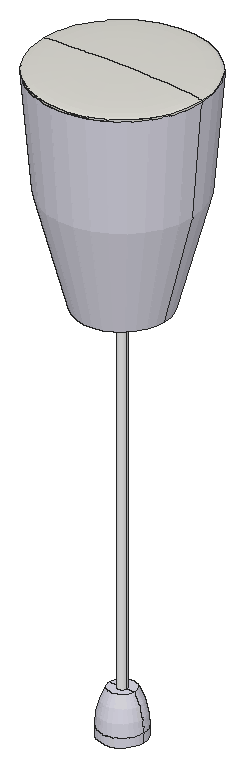
Revit family "FONESTAR_Altavoz_Colgante", category Communication Devices, Revit 2019
Family settings
  Maintain Annotation Orientation = No
  Round Connector Dimension = Use Diameter
  Part Type = Normal
  Work Plane-Based = Yes
  Always vertical = No
  Cut with Voids When Loaded = No
  Shared = No
  Room Calculation Point = No
Parameters (values of type "EF-333")
  Version = "R0"  # constant formula
  URL.Product = "https://fonestar.com/es/EF-333"
  URL = "https://fonestar.com/es"
  Soporte.Material = Plástico ABS - Blanco RAL(9002)
  Reviewed by = "TAG"  # constant formula
  Respuesta Acústica = "70-20.000 Hz"
  Remate.Díametro = 50 mm
  Remate.Diámetro.Inferior = 30 mm
  Remate.Altura = 50 mm
  Rejilla.Espesor = 5 mm
  Rejilla.Curva.Espesor = 2 mm
  Protección IP = "IP-54"
  Potencia Acústica = "30 W RMS"
  Peso = "2,1 Kg"
  Origen [instance] = no
  Modified by = "XPV"  # constant formula
  Rejilla.Material = Aluminio_Rejilla - Blanco RAL(9002)
  Model = "EF-333"
  Manufacturer = "FONESTAR"  # constant formula
  Diámetro = 187 mm
  Default Elevation = 1000 mm
  Description = "Altavoz colgante con transformador de línea 100 V y baja impedancia. Cobertura uniforme horizontal."
  Cuerpo.Diámetro.Inferior = 100 mm
  Cable.Material = Auxiliar - Blanco
  Cable.Diámetro = 10 mm
  Cable.Longitud = 400 mm
  Cuerpo.Material = Plástico ABS - Blanco RAL(9002)
  Longitud = 245 mm
  Created by = "XPV"  # constant formula
  Author.URL = "https://fonestar.com/es"
  Author = "FONESTAR"  # constant formula
Reference planes
  plane 1 "Centro (Frontal/Posterior)": y = 0
  plane 2: z = 0
  plane 3 "Centro (Izquierda/Derecha)": x = 0
  plane 4 "Izquierda": x = -175
  plane 5 "Derecha": x = 175
  plane 6 "Posterior": y = 154
  plane 7 "Frontal": y = -154
  plane 8 "Superior": z = 695
  plane 9 "Inferior": z = 450
  plane 10 "C.dy.N": x = -173
  plane 11 "Remate": z = 50
Lines and regions (mm)
  reference lines
    curve 1: line (0, 0, 50) -> (0, 0, 0)
Text (mm)
  text "A3D CONSULTING INTEGRATED BIM SOLUTIONS, S.L.\nCONTRATO DE LICENCIA DE USUARIO FINAL\n\n\nAVISO A LOS USUARIOS: LEA ATENTAMENTE EL SIGUIENTE CONTRATO ANTES DE CONTINUAR. EL USO DEL CONTENIDO BIM EN FORMATO REVIT QUE SE ACOMPAÑA DEL PRESENTE ACUERDO (\"CONTENIDO BIM A3D CONSULTING\") CONSTITUYE SU ACEPTACIÓN DE ESTOS TÉRMINOS. SI USTED NO ESTÁ DE ACUERDO CON LAS CONDICIONES DE ESTE ACUERDO NO ABRA, ACCEDA DIRECTA O INDIRECTAMENTE, MODIFIQUE,  COPIE NI USE EL CONTENIDO BIM A3D CONSULTING, NI TOTAL NI PARCIALMENTE. EL USO DEL CONTENIDO BIM A3D CONSULTING POR PARTE DEL USUARIO ESTÁ CONDICIONADO AL CUMPLIMIENTO POR EL MISMO DE LOS TÉRMINOS DE ESTE ACUERDO.\n\n1.\tDEFINICIONES\nEste contrato de licencia de usuario final para el Contenido BIM A3D Consulting (CLUF) constituye un acuerdo legal entre usted como usuario final (ya sea persona física o entidad legalmente reconocida) (el \"Titular de la licencia\") y A3D CONSULTING INTEGRATED BIM SOLUTIONS, S.L. para el Contenido BIM A3D Consulting que acompaña a este CLUF. El Contenido BIM A3D CONSULTING consiste en uno o varios archivos en formato Autodesk Revit, pudiendo incluir elementos y medios asociados, así como la documentación \"en línea\" o electrónica (\"Contenido BIM A3D Consulting \").\n\n2.\tCONCESIÓN DE LA LICENCIA\nA3D CONSULTING INTEGRATED BIM SOLUTIONS, S.L. le concede una licencia para utilizar y modificar el contenido BIM incluido en una copia de Contenido BIM A3D Consulting.  El \"Titular de la licencia \" designa a la empresa, entidad o persona física, cuyos fondos son utilizados para pagar la cuota de licencia. \"Uso\" designa la copia, el almacenaje, la carga, la instalación o la muestra del Contenido BIM A3D Consulting. En virtud del presente, el Titular de la licencia no puede alquilar, arrendar, ceder, prestar, vender ni sublicenciar el Contenido BIM A3D Consulting a otra persona física, empresa o entidad.\n\n3.\tPROPIEDAD\nA3D CONSULTING INTEGRATED BIM SOLUTIONS, S.L. es el propietario y el titular del copyright del Contenido BIM A3D Consulting. La licencia adquirida no confiere al Titular de la licencia ningún título o propiedad sobre el contenido y no debe interpretarse como una venta de ningún derecho.\n\n4.\tCOPYRIGHT\nEl Contenido BIM A3D Consulting está protegido por las leyes españolas del copyright, las disposiciones de los tratados internacionales y otras leyes aplicables. En virtud del presente, el Titular de la licencia reconoce que no se le transfiere ningún título de la propiedad intelectual de A3D CONSULTING INTEGRATED BIM SOLUTIONS, S.L.. Además, el Titular de la licencia reconoce que el título y todos los derechos de autor sobre el Contenido BIM A3D Consulting seguirán siendo propiedad exclusiva de A3D CONSULTING INTEGRATED BIM SOLUTIONS, S.L. y no adquirirá ningún derecho sobre el Contenido BIM A3D Consulting, a excepción de lo expresamente establecido en esta licencia.\n\n5.\tRESPONSABILIDAD\nEn virtud del presente, el Titular de la licencia acepta que defenderá, indemnizará y eximirá a A3D CONSULTING INTEGRATED BIM SOLUTIONS, S.L. de cualesquiera reclamaciones o responsabilidades derivadas del uso, uso indebido, distribución o ejecución del Contenido BIM A3D Consulting de A3D CONSULTING INTEGRATED BIM SOLUTIONS, S.L., incluyendo las reclamaciones presentadas en contra del Titular de la licencia por el uso de dicho  contenido. Asimismo, el Titular de la licencia acepta eximir de toda responsabilidad y proteger a A3D CONSULTING INTEGRATED BIM SOLUTIONS, S.L. frente a cualquier tipo de demandas civiles, legales o penales. Las cantidades derivadas de dichos procesos, incluyendo resoluciones y costas judiciales, correrán a cargo del Titular de la licencia.\n\n6.\tGARANTÍA\nDurante un periodo de 30 días, a contar a partir de la fecha de entrega del producto, A3D CONSULTING INTEGRATED BIM SOLUTIONS, S.L. garantiza que dicho producto está libre de defectos en los materiales y la mano de obra. En caso de incumplimiento de esta garantía, el Titular de la licencia recibirá como  única compensación el reemplazo del producto. El Contenido BIM A3D Consulting y cualquier documentación relacionada se proporcionan \"tal cual\", sin garantía de ningún tipo, ya sea expresa o implícita, incluyendo, a título enunciativo pero no limitativo, las garantías implícitas o comerciabilidad, la idoneidad para un propósito particular o la inexistencia de infracción. Cualquier riesgo derivado del uso o los resultados del Contenido BIM A3D Consulting correrá a cargo del licenciatario.\n\n7.\tLEGISLACIÓN APLICABLE\nTodos los aspectos del presente Contrato se regirán e interpretarán de conformidad con la legislación vigente en España.\n\n8.\tENMIENDAS\nA3D CONSULTING INTEGRATED BIM SOLUTIONS, S.L. se reserva el derecho de modificar este acuerdo en cualquier momento.\n\n9.\tAPLICABILIDAD\nEn caso de que alguna de las disposiciones de este acuerdo fuera nula o inaplicable, las partes acuerdan que dicha invalidez no afectará a la validez de las disposiciones restantes de este acuerdo.\n\n- FIN DEL CONTRATO DE LICENCIA DE USUARIO FINAL -\nBarcelona / España, 15.02.2015\nA3D CONSULTING INTEGRATED BIM SOLUTIONS, S.L." at (2.016, -2, 0), in view "CLUF"
Dimensions and locks
  equal spacing: plane 4 "Izquierda", plane 3 "Centro (Izquierda/Derecha)", plane 5 "Derecha"
  equal spacing: plane 7 "Frontal", plane 1 "Centro (Frontal/Posterior)", plane 6 "Posterior"
  "Remate.Altura": plane 11 "Remate" to level
  "Cable.Longitud": plane 9 "Inferior" to plane 11 "Remate"
  "Longitud": plane 8 "Superior" to plane 9 "Inferior"
  aligned and locked: level to plane 2
  aligned and locked: plane 1 "Centro (Frontal/Posterior)" to nested 2
  aligned and locked: plane 3 "Centro (Izquierda/Derecha)" to nested 2
  aligned and locked: plane 3 "Centro (Izquierda/Derecha)" to nested 3
  aligned and locked: plane 1 "Centro (Frontal/Posterior)" to nested 3
  aligned and locked: plane 3 "Centro (Izquierda/Derecha)" to nested 1
  aligned and locked: nested 4 to plane 3 "Centro (Izquierda/Derecha)"
  aligned and locked: plane 8 "Superior" to nested 2
  aligned and locked: plane 1 "Centro (Frontal/Posterior)" to nested 5
  aligned and locked: plane 3 "Centro (Izquierda/Derecha)" to nested 5
  aligned and locked: level to curve 1
  aligned and locked: plane 11 "Remate" to curve 1
  aligned and locked: curve 1 to plane 3 "Centro (Izquierda/Derecha)"
Nested families
  nested 1: "A3D_Componente_Origen" at (0, 0, 0), Visibilidad <- "Origen", visible <- "Origen", type "Esfera"
    with XYZ.Visibilidad no, Visibilidad no, Material Auxiliary.Clearance, Esfera.Visibilidad no, Diámetro 100 mm, Círculos.Visibilidad no
  nested 2: "A3D_Componente_Altavoz_M02" at (0, 0, 450), Material <- "Cuerpo.Material", Altura <- "Longitud", Diámetro <- "Diámetro", Diámetro.Inferior <- "Cuerpo.Diámetro.Inferior", type "Estándar"
    with Visibilidad yes, Origen no, Material Plástico ABS - Blanco RAL(9002), Diámetro.Inferior 100 mm, Diámetro 187 mm, Altura 245 mm
  nested 3: "A3D_Componente_Cilindro" at (0, 0, 50), Material <- "Cable.Material", Altura <- "Cable.Longitud", Diámetro <- "Cable.Diámetro", type "Estándar"
    with Visibilidad yes, Redondeado.Superior.Control 30 mm, Redondeado.Superior no, Redondeado.Radio.Control 5 mm, Redondeado.Radio 50 mm, Redondeado.Inferior.Control 30 mm, Redondeado.Inferior no, Origen no, Material Auxiliar - Blanco, Diámetro 10 mm, Centrado.Control 0 mm, Centrado no, Altura 400 mm
  nested 4: "A3D_Componente_Altavoz_Remate" at (0, 0, 50) x (1, 0, 0) z (0, 0, -1), Altura <- "Remate.Altura", Diámetro <- "Remate.Díametro", Diámetro.Inferior <- "Remate.Diámetro.Inferior", Material <- "Soporte.Material", type "Estándar"
    with Visibilidad yes, Origen no, Material Plástico ABS - Blanco RAL(9002), Diámetro.Inferior 30 mm, Diámetro 50 mm, Altura 50 mm
  nested 5: "A3D_Componente_Lente" at (0, 0, 695), Altura <- "Rejilla.Curva.Espesor", Material <- "Rejilla.Material", Espesor <- "Rejilla.Espesor", Diámetro <- "Diámetro", type "Estándar"
    with Visibilidad yes, Origen no, Material Aluminio_Rejilla - Blanco RAL(9002), Espesor 5 mm, Diámetro 187 mm, Altura 2 mm
Connectors
  electrical at (0, 0, 0)
    settings: on curve 1, index 1, voltage 0 V, apparent load 0 VA, apparent load phase1 0 VA, apparent load phase2 0 VA, apparent load phase3 0 VA, power factor 1, load classification "Other", number of poles 1, system type 14, power factor state 1, is connector primary yes, connector utility no, sub classification motor no, connector description ""
Definition of nested family "A3D_Componente_Altavoz_M02"
  Parameters (values of type "Estándar")
    Visibilidad [instance] = yes
    Version = "R0"  # constant formula
    Reviewed by = ""
    Origen [instance] = yes
    Modified by = ""
    Diámetro.Inferior [instance] = 120 mm
    Diámetro [instance] = 202.008 mm
    Default Elevation = 1000 mm
    Created by = "XPV"  # constant formula
    Author = "A3D Consulting"  # constant formula
    Altura [instance] = 280 mm
    Material [instance] = none
    Autor.URL = "www.a3d.es"
  Reference planes
    plane 1 "Centro (Frontal/Posterior)": y = 0
    plane 2: z = 0
    plane 3 "Centro (Izquierda/Derecha)": x = 0
    plane 4 "Superior": z = 280
    plane 5: x = -101.004
    plane 6: x = 101.004
    plane 7: x = -60
    plane 8: x = 60
    plane 9 "C.dy.P": z = -106
  Forms (mm)
    Revolve 1, solid, material <- "Material"
      sketch origin (0, 0, -125) x (1, 0, 0) y (0, 0, 1)
        loop
          line (0, 125) -> (0, 405) -> (-101.004, 405)
          arc (-101.004, 405) -> (-90.591, 263.523) -> (-60, 125) r 986.803
          line (-60, 125) -> (0, 125)
        axis (0, 405) -> (0, 125)
      angle from 0 to 360
  Dimensions and locks
    equal spacing: plane 6, plane 3 "Centro (Izquierda/Derecha)", plane 5
    "Diámetro": plane 6 to plane 5
    equal spacing: plane 8, plane 3 "Centro (Izquierda/Derecha)", plane 7
    "Diámetro.Inferior": plane 8 to plane 7
    "Altura": plane 4 "Superior" to level
    aligned and locked: level to plane 2
    aligned and locked: Revolve 1 sketch curve to plane 3 "Centro (Izquierda/Derecha)"
    aligned and locked: level to Revolve 1 sketch curve
    aligned and locked: plane 7 to Revolve 1 sketch curve
    aligned and locked: Revolve 1 sketch curve to plane 4 "Superior"
    aligned and locked: plane 5 to Revolve 1 sketch curve
  Automatic sketch dimensions
    Revolve 1 sketch curve to plane 3 "Centro (Izquierda/Derecha)" = 0 mm
    plane 4 "Superior" to Revolve 1 sketch curve = 1.508 mm
    Revolve 1 sketch curve to plane 9 "C.dy.P" = 120 mm
    Revolve 1 sketch curve to Revolve 1 sketch curve = 160 mm
  Nested families
    nested 1: "A3D_Componente_Origen" at (0, 0, 0), Visibilidad <- "Origen", visible <- "Origen", type "Esfera"
      with Visibilidad.XYZ.Control no, Visibilidad.Esfera.Control yes, Visibilidad.Círculos.Control no, Visibilidad yes, Material none, Diámetro 150 mm
  Definition of nested family "A3D_Componente_Origen"
    Parameters (values of type "Esfera")
      Visibilidad.XYZ.Control [instance] = and(Visibilidad, XYZ)  # no
      Visibilidad.Esfera.Control [instance] = and(Visibilidad, Esfera)  # yes
      Visibilidad.Círculos.Control [instance] = and(Visibilidad, Círculos)  # no
      Visibilidad [instance] = yes
      Version = "R1"  # constant formula
      Reviewed by = "RGH"  # constant formula
      XYZ = no
      Esfera = yes
      Círculos = no
      Modified by = "RGH"  # constant formula
      Diámetro [instance] = 100 mm
      Default Elevation = 1000 mm
      Created by = "RLM"  # constant formula
      Material [instance] = none
      Autor.URL = "www.a3d.es"
      Autor = "A3D Consulting"  # constant formula
    Types (3, lengths in mm): name | Visibilidad.XYZ.Control | Visibilidad.Esfera.Control | Visibilidad.Círculos.Control | XYZ | Esfera | Círculos
      Círculos | no | no | yes | no | no | yes
      Esfera | no | yes | no | no | yes | no
      XYZ | yes | no | no | yes | no | no
    Reference planes
      plane 1 "Centro (Frontal/Posterior)": y = 0
      plane 2: z = 0
      plane 3 "Centro (Izquierda/Derecha)": x = 0
    Forms (mm)
      Revolve 1, solid, material <- "Material", visible <- "Visibilidad.Esfera.Control"
        sketch origin (0, 0, 0) x (1, 0, 0) y (0, 1, 0)
          loop
            arc (0, 50) -> (-50, 0) -> (0, -50) r 50
            line (0, -50) -> (0, 50)
          axis (0, 50) -> (0, -50)
        angle from 0 to 360
    Lines and regions (mm)
      model lines, visible <- "Visibilidad.XYZ.Control"
        curve 1: line (0, 0, 0) -> (100, 0, 0)
        curve 2: line (0, 0, 0) -> (0, 100, 0)
        curve 3: line (0, 0, 0) -> (0, 0, 100)
      model lines, visible <- "Visibilidad.Círculos.Control"
        curve 4: circle (0, 0, 0) r 50 normal (0, 0, 1)
        curve 5: circle (0, 0, 0) r 50 normal (0, -1, 0)
        curve 6: circle (0, 0, 0) r 50 normal (1, 0, 0)
    Dimensions and locks
      "Diámetro": plane 1 "Centro (Frontal/Posterior)" to curve 2
      "Diámetro": plane 3 "Centro (Izquierda/Derecha)" to curve 1
      "Diámetro": curve 3 to level
      "Diámetro": diameter of Revolve 1 sketch curve
      "Diámetro": diameter of curve 4
      "Diámetro": diameter of curve 5
      "Diámetro": diameter of curve 6
      aligned and locked: level to plane 2
    Automatic sketch dimensions
      curve 6 to level = 0 mm
      curve 6 to plane 1 "Centro (Frontal/Posterior)" = 0 mm
      curve 3 to plane 3 "Centro (Izquierda/Derecha)" = 0 mm
      curve 5 to level = 0 mm
      curve 5 to plane 3 "Centro (Izquierda/Derecha)" = 0 mm
      curve 3 to level = 0 mm
      plane 1 "Centro (Frontal/Posterior)" to curve 4 = 0 mm
      curve 4 to plane 3 "Centro (Izquierda/Derecha)" = 0 mm
      plane 1 "Centro (Frontal/Posterior)" to curve 2 = 0 mm
      curve 2 to plane 3 "Centro (Izquierda/Derecha)" = 0 mm
      Revolve 1 sketch curve to plane 3 "Centro (Izquierda/Derecha)" = 0 mm  (x2)
      plane 1 "Centro (Frontal/Posterior)" to Revolve 1 sketch curve = 0 mm
      Revolve 1 sketch curve to Revolve 1 sketch curve = 3.125 mm  (x2)
Definition of nested family "A3D_Componente_Cilindro"
  Parameters (values of type "Estándar")
    Visibilidad [instance] = yes
    Version = "R6"  # constant formula
    Reviewed by = "RGH"  # constant formula
    Redondeado.Superior.Control [instance] = if(Redondeado.Superior, Diámetro, Diámetro + Redondeado.Radio.Control * 4)  # 1000 mm
    Redondeado.Superior [instance] = yes
    Redondeado.Radio.Control [instance] = if(Redondeado.Radio < Diámetro / 2 - 10 mm, Redondeado.Radio, if(Diámetro / 2 - 10 mm > 0 mm, Diámetro / 2 - 10 mm, 5 mm))  # 50 mm
    Redondeado.Radio [instance] = 50 mm
    Redondeado.Inferior.Control [instance] = if(Redondeado.Inferior, Diámetro, Diámetro + Redondeado.Radio.Control * 4)  # 1000 mm
    Redondeado.Inferior [instance] = yes
    Origen [instance] = yes
    Modified by = "RGH"  # constant formula
    Diámetro [instance] = 1000 mm
    Default Elevation = 1000 mm
    Centrado.Control [instance] = if(Centrado, Altura / 2, 0 mm)  # 0 mm
    Created by = "RLM"  # constant formula
    Centrado [instance] = no
    Author = "A3D Consulting"  # constant formula
    Altura [instance] = 500 mm
    Material [instance] = none
    Autor.URL = "www.a3d.es"
  Reference planes
    plane 1 "Centro (Frontal/Posterior)": y = 0
    plane 2: z = 0
    plane 3 "Centro (Izquierda/Derecha)": x = 0
    plane 4 "Inferior": z = 0
    plane 5 "Superior": z = 500
  Forms (mm)
    Extrusion 1, solid, material <- "Material", visible <- "Visibilidad"
      sketch origin (0, 0, 0) x (-1, 0, 0) y (0, -1, 0)
        loop
          circle (0, 0) r 500
      from 0 to 500 <- "Altura"
    Sweep 2, void
      path origin (0, 0, 500) x (-1, 0, 0) y (0, -1, 0)
        loop
          circle (0, 0) r 500
      profile "A3D_Perfil-Circular_Escocia : Estándar" origin (0, -500, 500) x (0, 1, 0) y (0, 0, 1)
        loop
          arc (0, -50) -> (14.645, -14.645) -> (50, 0) r 50
          line (50, 0) -> (0, 0) -> (0, -50)
    Sweep 3, void
      path origin (0, 0, 0) x (-1, 0, 0) y (0, -1, 0)
        loop
          circle (0, 0) r 500
      profile "A3D_Perfil-Circular_Escocia : Estándar" origin (0, -500, 0) x (0, 1, 0) y (0, 0, 1)
        loop
          line (0, 50) -> (0, 0) -> (50, 0)
          arc (50, 0) -> (14.645, 14.645) -> (0, 50) r 50
  Cuts and joins
    Sweep 2, Sweep 3 cuts Extrusion 1
  Dimensions and locks
    "Centrado.Control": level to plane 4 "Inferior"
    "Altura": plane 5 "Superior" to plane 4 "Inferior"
    "Diámetro": diameter of Extrusion 1 sketch curve
    "Redondeado.Superior.Control": diameter of Sweep 2 sketch curve
    "Redondeado.Inferior.Control": diameter of Sweep 3 sketch curve
    aligned and locked: level to plane 2
  Automatic sketch dimensions
    plane 1 "Centro (Frontal/Posterior)" to Extrusion 1 sketch curve = 0 mm
    Extrusion 1 sketch curve to plane 3 "Centro (Izquierda/Derecha)" = 0 mm
    plane 1 "Centro (Frontal/Posterior)" to Sweep 2 sketch curve = 0 mm
    Sweep 2 sketch curve to plane 3 "Centro (Izquierda/Derecha)" = 0 mm
    plane 1 "Centro (Frontal/Posterior)" to Sweep 3 sketch curve = 0 mm
    Sweep 3 sketch curve to plane 3 "Centro (Izquierda/Derecha)" = 0 mm
  Nested families
    nested 1: "A3D_Componente_Origen" at (0, 0, 0), Visibilidad <- "Origen", visible <- "Origen", type "Esfera"
      with Visibilidad.XYZ.Control no, Visibilidad.Esfera.Control yes, Visibilidad.Círculos.Control no, Visibilidad yes, Material none, Diámetro 100 mm
  Definition of nested family "A3D_Componente_Origen"
    Parameters (values of type "Esfera")
      Visibilidad.XYZ.Control [instance] = and(Visibilidad, XYZ)  # no
      Visibilidad.Esfera.Control [instance] = and(Visibilidad, Esfera)  # yes
      Visibilidad.Círculos.Control [instance] = and(Visibilidad, Círculos)  # no
      Visibilidad [instance] = yes
      Version = "R1"  # constant formula
      Reviewed by = "RGH"  # constant formula
      XYZ = no
      Esfera = yes
      Círculos = no
      Modified by = "RGH"  # constant formula
      Diámetro [instance] = 100 mm
      Default Elevation = 1000 mm
      Created by = "RLM"  # constant formula
      Material [instance] = none
      Autor.URL = "www.a3d.es"
      Autor = "A3D Consulting"  # constant formula
    Types (3, lengths in mm): name | Visibilidad.XYZ.Control | Visibilidad.Esfera.Control | Visibilidad.Círculos.Control | XYZ | Esfera | Círculos
      Círculos | no | no | yes | no | no | yes
      Esfera | no | yes | no | no | yes | no
      XYZ | yes | no | no | yes | no | no
    Reference planes
      plane 1 "Centro (Frontal/Posterior)": y = 0
      plane 2: z = 0
      plane 3 "Centro (Izquierda/Derecha)": x = 0
    Forms (mm)
      Revolve 1, solid, material <- "Material", visible <- "Visibilidad.Esfera.Control"
        sketch origin (0, 0, 0) x (1, 0, 0) y (0, 1, 0)
          loop
            arc (0, 50) -> (-50, 0) -> (0, -50) r 50
            line (0, -50) -> (0, 50)
          axis (0, 50) -> (0, -50)
        angle from 0 to 360
    Lines and regions (mm)
      model lines, visible <- "Visibilidad.XYZ.Control"
        curve 1: line (0, 0, 0) -> (100, 0, 0)
        curve 2: line (0, 0, 0) -> (0, 100, 0)
        curve 3: line (0, 0, 0) -> (0, 0, 100)
      model lines, visible <- "Visibilidad.Círculos.Control"
        curve 4: circle (0, 0, 0) r 50 normal (0, 0, 1)
        curve 5: circle (0, 0, 0) r 50 normal (0, -1, 0)
        curve 6: circle (0, 0, 0) r 50 normal (1, 0, 0)
    Dimensions and locks
      "Diámetro": plane 1 "Centro (Frontal/Posterior)" to curve 2
      "Diámetro": plane 3 "Centro (Izquierda/Derecha)" to curve 1
      "Diámetro": curve 3 to level
      "Diámetro": diameter of Revolve 1 sketch curve
      "Diámetro": diameter of curve 4
      "Diámetro": diameter of curve 5
      "Diámetro": diameter of curve 6
      aligned and locked: level to plane 2
    Automatic sketch dimensions
      curve 6 to level = 0 mm
      curve 6 to plane 1 "Centro (Frontal/Posterior)" = 0 mm
      curve 3 to plane 3 "Centro (Izquierda/Derecha)" = 0 mm
      curve 5 to level = 0 mm
      curve 5 to plane 3 "Centro (Izquierda/Derecha)" = 0 mm
      curve 3 to level = 0 mm
      plane 1 "Centro (Frontal/Posterior)" to curve 4 = 0 mm
      curve 4 to plane 3 "Centro (Izquierda/Derecha)" = 0 mm
      plane 1 "Centro (Frontal/Posterior)" to curve 2 = 0 mm
      curve 2 to plane 3 "Centro (Izquierda/Derecha)" = 0 mm
      Revolve 1 sketch curve to plane 3 "Centro (Izquierda/Derecha)" = 0 mm  (x2)
      plane 1 "Centro (Frontal/Posterior)" to Revolve 1 sketch curve = 0 mm
      Revolve 1 sketch curve to Revolve 1 sketch curve = 3.125 mm  (x2)
Definition of nested family "A3D_Componente_Altavoz_Remate"
  Parameters (values of type "Estándar")
    Visibilidad [instance] = yes
    Version = "R0"  # constant formula
    Reviewed by = ""
    Origen [instance] = yes
    Modified by = ""
    Diámetro.Inferior [instance] = 45 mm
    Diámetro [instance] = 90 mm
    Default Elevation = 1000 mm
    Created by = "XPV"  # constant formula
    Author = "A3D Consulting"  # constant formula
    Altura [instance] = 90 mm
    Material [instance] = none
    Autor.URL = "www.a3d.es"
  Reference planes
    plane 1 "Centro (Frontal/Posterior)": y = 0
    plane 2: z = 0
    plane 3 "Centro (Izquierda/Derecha)": x = 0
    plane 4 "Superior": z = 90
    plane 5: x = -45
    plane 6: x = 45
    plane 7: x = -22.5
    plane 8: x = 22.5
    plane 9 "C.dy.P": z = -106
  Forms (mm)
    Revolve 1, solid, material <- "Material"
      sketch origin (0, 0, -125) x (1, 0, 0) y (0, 0, 1)
        loop
          line (0, 125) -> (0, 215) -> (-45, 215) -> (-45, 205)
          arc (-45, 205) -> (-39.268, 163.448) -> (-22.5, 125) r 153.472
          line (-22.5, 125) -> (0, 125)
        axis (0, 215) -> (0, 125)
      angle from 0 to 360
  Dimensions and locks
    equal spacing: plane 6, plane 3 "Centro (Izquierda/Derecha)", plane 5
    "Diámetro": plane 6 to plane 5
    equal spacing: plane 8, plane 3 "Centro (Izquierda/Derecha)", plane 7
    "Diámetro.Inferior": plane 8 to plane 7
    "Altura": plane 4 "Superior" to level
    plane 4 "Superior" to Revolve 1 sketch curve = 10 mm
    aligned and locked: level to plane 2
    aligned and locked: Revolve 1 sketch curve to plane 3 "Centro (Izquierda/Derecha)"
    aligned and locked: level to Revolve 1 sketch curve
    aligned and locked: Revolve 1 sketch curve to plane 5
  Automatic sketch dimensions
    Revolve 1 sketch curve to plane 7 = 0 mm
    Revolve 1 sketch curve to plane 3 "Centro (Izquierda/Derecha)" = 0 mm
    Revolve 1 sketch curve to plane 4 "Superior" = 0 mm
    Revolve 1 sketch curve to plane 9 "C.dy.P" = 120 mm
    Revolve 1 sketch curve to Revolve 1 sketch curve = 160 mm
  Nested families
    nested 1: "A3D_Componente_Origen" at (0, 0, 0), Visibilidad <- "Origen", visible <- "Origen", type "Esfera"
      with Visibilidad.XYZ.Control no, Visibilidad.Esfera.Control yes, Visibilidad.Círculos.Control no, Visibilidad yes, Material none, Diámetro 50 mm
  Definition of nested family "A3D_Componente_Origen"
    Parameters (values of type "Esfera")
      Visibilidad.XYZ.Control [instance] = and(Visibilidad, XYZ)  # no
      Visibilidad.Esfera.Control [instance] = and(Visibilidad, Esfera)  # yes
      Visibilidad.Círculos.Control [instance] = and(Visibilidad, Círculos)  # no
      Visibilidad [instance] = yes
      Version = "R1"  # constant formula
      Reviewed by = "RGH"  # constant formula
      XYZ = no
      Esfera = yes
      Círculos = no
      Modified by = "RGH"  # constant formula
      Diámetro [instance] = 100 mm
      Default Elevation = 1000 mm
      Created by = "RLM"  # constant formula
      Material [instance] = none
      Autor.URL = "www.a3d.es"
      Autor = "A3D Consulting"  # constant formula
    Types (3, lengths in mm): name | Visibilidad.XYZ.Control | Visibilidad.Esfera.Control | Visibilidad.Círculos.Control | XYZ | Esfera | Círculos
      Círculos | no | no | yes | no | no | yes
      Esfera | no | yes | no | no | yes | no
      XYZ | yes | no | no | yes | no | no
    Reference planes
      plane 1 "Centro (Frontal/Posterior)": y = 0
      plane 2: z = 0
      plane 3 "Centro (Izquierda/Derecha)": x = 0
    Forms (mm)
      Revolve 1, solid, material <- "Material", visible <- "Visibilidad.Esfera.Control"
        sketch origin (0, 0, 0) x (1, 0, 0) y (0, 1, 0)
          loop
            arc (0, 50) -> (-50, 0) -> (0, -50) r 50
            line (0, -50) -> (0, 50)
          axis (0, 50) -> (0, -50)
        angle from 0 to 360
    Lines and regions (mm)
      model lines, visible <- "Visibilidad.XYZ.Control"
        curve 1: line (0, 0, 0) -> (100, 0, 0)
        curve 2: line (0, 0, 0) -> (0, 100, 0)
        curve 3: line (0, 0, 0) -> (0, 0, 100)
      model lines, visible <- "Visibilidad.Círculos.Control"
        curve 4: circle (0, 0, 0) r 50 normal (0, 0, 1)
        curve 5: circle (0, 0, 0) r 50 normal (0, -1, 0)
        curve 6: circle (0, 0, 0) r 50 normal (1, 0, 0)
    Dimensions and locks
      "Diámetro": plane 1 "Centro (Frontal/Posterior)" to curve 2
      "Diámetro": plane 3 "Centro (Izquierda/Derecha)" to curve 1
      "Diámetro": curve 3 to level
      "Diámetro": diameter of Revolve 1 sketch curve
      "Diámetro": diameter of curve 4
      "Diámetro": diameter of curve 5
      "Diámetro": diameter of curve 6
      aligned and locked: level to plane 2
    Automatic sketch dimensions
      curve 6 to level = 0 mm
      curve 6 to plane 1 "Centro (Frontal/Posterior)" = 0 mm
      curve 3 to plane 3 "Centro (Izquierda/Derecha)" = 0 mm
      curve 5 to level = 0 mm
      curve 5 to plane 3 "Centro (Izquierda/Derecha)" = 0 mm
      curve 3 to level = 0 mm
      plane 1 "Centro (Frontal/Posterior)" to curve 4 = 0 mm
      curve 4 to plane 3 "Centro (Izquierda/Derecha)" = 0 mm
      plane 1 "Centro (Frontal/Posterior)" to curve 2 = 0 mm
      curve 2 to plane 3 "Centro (Izquierda/Derecha)" = 0 mm
      Revolve 1 sketch curve to plane 3 "Centro (Izquierda/Derecha)" = 0 mm  (x2)
      plane 1 "Centro (Frontal/Posterior)" to Revolve 1 sketch curve = 0 mm
      Revolve 1 sketch curve to Revolve 1 sketch curve = 3.125 mm  (x2)
Definition of nested family "A3D_Componente_Lente"
  Parameters (values of type "Estándar")
    Visibilidad [instance] = yes
    Version = "R0"  # constant formula
    Reviewed by = ""
    Origen [instance] = yes
    Modified by = ""
    Espesor [instance] = 5 mm
    Diámetro [instance] = 200 mm
    Default Elevation = 1000 mm
    Created by = "XPV"  # constant formula
    Author = "A3D Consulting"  # constant formula
    Altura [instance] = 2 mm
    Material [instance] = none
    Autor.URL = "www.a3d.es"
  Reference planes
    plane 1 "Centro (Frontal/Posterior)": y = 0
    plane 2: z = 0
    plane 3 "Centro (Izquierda/Derecha)": x = 0
    plane 4 "Superior": z = 2
    plane 5: x = -100
    plane 6: x = 100
  Forms (mm)
    Revolve 1, solid, material <- "Material", visible <- "Visibilidad"
      sketch origin (0, 0, 0) x (1, 0, 0) y (0, 0, 1)
        loop
          spline (0, 7) -> (-13.053, 6.957) -> (-25.882, 6.83) -> (-38.268, 6.619) -> (-50, 6.33) -> (-60.876, 5.967) -> (-70.711, 5.536) -> (-79.335, 5.044) -> (-86.603, 4.5) -> (-92.388, 3.913) -> (-96.593, 3.294) -> (-99.144, 2.653) -> (-100, 2)
          line (-100, 2) -> (-100, 0) -> (0, 0) -> (0, 7)
        axis (0, 0) -> (0, 7)
      angle from 0 to 360
  Dimensions and locks
    "Altura": plane 4 "Superior" to level
    equal spacing: plane 6, plane 3 "Centro (Izquierda/Derecha)", plane 5
    "Diámetro": plane 6 to plane 5
    "Espesor": Revolve 1 sketch curve to plane 4 "Superior"
    aligned and locked: level to plane 2
    aligned and locked: plane 3 "Centro (Izquierda/Derecha)" to Revolve 1 sketch curve
    aligned and locked: plane 4 "Superior" to Revolve 1 sketch curve
    aligned and locked: Revolve 1 sketch curve to Revolve 1 sketch curve
  Automatic sketch dimensions
    Revolve 1 sketch curve to plane 5 = 0 mm
    Revolve 1 sketch curve to plane 3 "Centro (Izquierda/Derecha)" = 0 mm
    Revolve 1 sketch curve to level = 0 mm
    Revolve 1 sketch curve to Revolve 1 sketch curve = 110 mm
    Revolve 1 sketch curve to Revolve 1 sketch curve = 60 mm
  Nested families
    nested 1: "A3D_Componente_Origen" at (0, 0, 0), Visibilidad <- "Origen", visible <- "Origen", type "Esfera"
      with Visibilidad.XYZ.Control no, Visibilidad.Esfera.Control yes, Visibilidad.Círculos.Control no, Visibilidad yes, Material none, Diámetro 100 mm
  Definition of nested family "A3D_Componente_Origen"
    Parameters (values of type "Esfera")
      Visibilidad.XYZ.Control [instance] = and(Visibilidad, XYZ)  # no
      Visibilidad.Esfera.Control [instance] = and(Visibilidad, Esfera)  # yes
      Visibilidad.Círculos.Control [instance] = and(Visibilidad, Círculos)  # no
      Visibilidad [instance] = yes
      Version = "R1"  # constant formula
      Reviewed by = "RGH"  # constant formula
      XYZ = no
      Esfera = yes
      Círculos = no
      Modified by = "RGH"  # constant formula
      Diámetro [instance] = 100 mm
      Default Elevation = 1000 mm
      Created by = "RLM"  # constant formula
      Material [instance] = none
      Autor.URL = "www.a3d.es"
      Autor = "A3D Consulting"  # constant formula
    Types (3, lengths in mm): name | Visibilidad.XYZ.Control | Visibilidad.Esfera.Control | Visibilidad.Círculos.Control | XYZ | Esfera | Círculos
      Círculos | no | no | yes | no | no | yes
      Esfera | no | yes | no | no | yes | no
      XYZ | yes | no | no | yes | no | no
    Reference planes
      plane 1 "Centro (Frontal/Posterior)": y = 0
      plane 2: z = 0
      plane 3 "Centro (Izquierda/Derecha)": x = 0
    Forms (mm)
      Revolve 1, solid, material <- "Material", visible <- "Visibilidad.Esfera.Control"
        sketch origin (0, 0, 0) x (1, 0, 0) y (0, 1, 0)
          loop
            arc (0, 50) -> (-50, 0) -> (0, -50) r 50
            line (0, -50) -> (0, 50)
          axis (0, 50) -> (0, -50)
        angle from 0 to 360
    Lines and regions (mm)
      model lines, visible <- "Visibilidad.XYZ.Control"
        curve 1: line (0, 0, 0) -> (100, 0, 0)
        curve 2: line (0, 0, 0) -> (0, 100, 0)
        curve 3: line (0, 0, 0) -> (0, 0, 100)
      model lines, visible <- "Visibilidad.Círculos.Control"
        curve 4: circle (0, 0, 0) r 50 normal (0, 0, 1)
        curve 5: circle (0, 0, 0) r 50 normal (0, -1, 0)
        curve 6: circle (0, 0, 0) r 50 normal (1, 0, 0)
    Dimensions and locks
      "Diámetro": plane 1 "Centro (Frontal/Posterior)" to curve 2
      "Diámetro": plane 3 "Centro (Izquierda/Derecha)" to curve 1
      "Diámetro": curve 3 to level
      "Diámetro": diameter of Revolve 1 sketch curve
      "Diámetro": diameter of curve 4
      "Diámetro": diameter of curve 5
      "Diámetro": diameter of curve 6
      aligned and locked: level to plane 2
    Automatic sketch dimensions
      curve 6 to level = 0 mm
      curve 6 to plane 1 "Centro (Frontal/Posterior)" = 0 mm
      curve 3 to plane 3 "Centro (Izquierda/Derecha)" = 0 mm
      curve 5 to level = 0 mm
      curve 5 to plane 3 "Centro (Izquierda/Derecha)" = 0 mm
      curve 3 to level = 0 mm
      plane 1 "Centro (Frontal/Posterior)" to curve 4 = 0 mm
      curve 4 to plane 3 "Centro (Izquierda/Derecha)" = 0 mm
      plane 1 "Centro (Frontal/Posterior)" to curve 2 = 0 mm
      curve 2 to plane 3 "Centro (Izquierda/Derecha)" = 0 mm
      Revolve 1 sketch curve to plane 3 "Centro (Izquierda/Derecha)" = 0 mm  (x2)
      plane 1 "Centro (Frontal/Posterior)" to Revolve 1 sketch curve = 0 mm
      Revolve 1 sketch curve to Revolve 1 sketch curve = 3.125 mm  (x2)
Definition of nested family "A3D_Componente_Origen"
  Parameters (values of type "Esfera")
    XYZ.Visibilidad [instance] = and(Visibilidad, XYZ)  # no
    Esfera.Visibilidad [instance] = and(Visibilidad, Esfera)  # yes
    Círculos.Visibilidad [instance] = and(Visibilidad, Círculos)  # no
    Visibilidad [instance] = yes
    Version = "R3"  # constant formula
    Reviewed by = "RGH"  # constant formula
    XYZ = no
    Esfera = yes
    Círculos = no
    Modified by = "RGH"  # constant formula
    Diámetro [instance] = 100 mm
    Default Elevation = 1000 mm
    Created by = "RLM"  # constant formula
    Material [instance] = none
    Autor.URL = "www.a3d.es"
    Author = "A3D Consulting"  # constant formula
  Types (3, lengths in mm): name | XYZ.Visibilidad | Esfera.Visibilidad | Círculos.Visibilidad | XYZ | Esfera | Círculos
    Círculos | no | no | yes | no | no | yes
    Esfera | no | yes | no | no | yes | no
    XYZ | yes | no | no | yes | no | no
  Reference planes
    plane 1 "Centro (Frontal/Posterior)": y = 0
    plane 2: z = 0
    plane 3 "Centro (Izquierda/Derecha)": x = 0
  Forms (mm)
    Revolve 1, solid, material <- "Material", visible <- "Esfera.Visibilidad"
      sketch origin (0, 0, 0) x (1, 0, 0) y (0, 1, 0)
        loop
          arc (0, 50) -> (-50, 0) -> (0, -50) r 50
          line (0, -50) -> (0, 50)
        axis (0, 50) -> (0, -50)
      angle from 0 to 360
  Lines and regions (mm)
    model lines, visible <- "XYZ.Visibilidad"
      curve 1: line (0, 0, 0) -> (100, 0, 0)
      curve 2: line (0, 0, 0) -> (0, 100, 0)
      curve 3: line (0, 0, 0) -> (0, 0, 100)
    model lines, visible <- "Círculos.Visibilidad"
      curve 4: circle (0, 0, 0) r 50 normal (0, 0, 1)
      curve 5: circle (0, 0, 0) r 50 normal (0, -1, 0)
      curve 6: circle (0, 0, 0) r 50 normal (1, 0, 0)
  Dimensions and locks
    "Diámetro": plane 1 "Centro (Frontal/Posterior)" to curve 2
    "Diámetro": plane 3 "Centro (Izquierda/Derecha)" to curve 1
    "Diámetro": curve 3 to level
    "Diámetro": diameter of Revolve 1 sketch curve
    "Diámetro": diameter of curve 4
    "Diámetro": diameter of curve 5
    "Diámetro": diameter of curve 6
    aligned and locked: level to plane 2
  Automatic sketch dimensions
    curve 6 to level = 0 mm
    curve 6 to plane 1 "Centro (Frontal/Posterior)" = 0 mm
    curve 3 to plane 3 "Centro (Izquierda/Derecha)" = 0 mm
    curve 5 to level = 0 mm
    curve 5 to plane 3 "Centro (Izquierda/Derecha)" = 0 mm
    curve 3 to level = 0 mm
    plane 1 "Centro (Frontal/Posterior)" to curve 4 = 0 mm
    curve 4 to plane 3 "Centro (Izquierda/Derecha)" = 0 mm
    plane 1 "Centro (Frontal/Posterior)" to curve 2 = 0 mm
    curve 2 to plane 3 "Centro (Izquierda/Derecha)" = 0 mm
    Revolve 1 sketch curve to plane 3 "Centro (Izquierda/Derecha)" = 0 mm  (x2)
    plane 1 "Centro (Frontal/Posterior)" to Revolve 1 sketch curve = 0 mm
    Revolve 1 sketch curve to Revolve 1 sketch curve = 3.125 mm  (x2)
